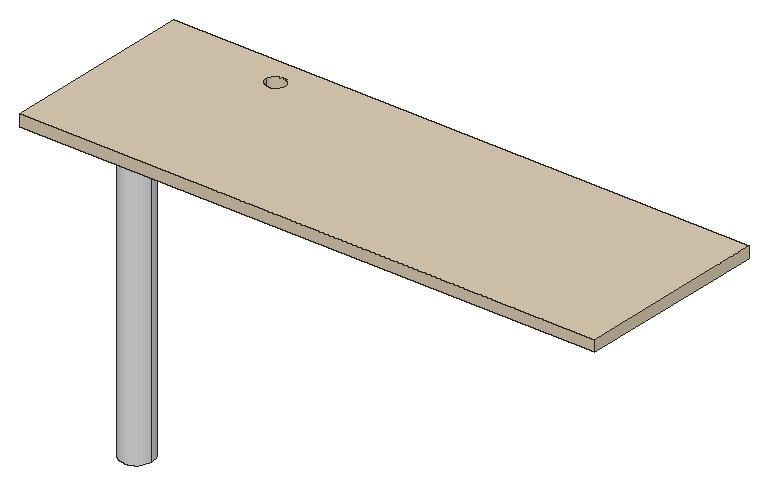
Revit family "Bancada de trabalho básica", category Furniture, Revit 2016
Family settings
  OmniClass Number = 23.40.20.00
  OmniClass Title = General Furniture and Specialties
  Work Plane-Based = No
  Always vertical = Yes
  Cut with Voids When Loaded = No
  Shared = No
  Room Calculation Point = No
Parameters
  Profundidade = 50 cm
  Largura = 150 cm
  Espessura bancada = 3 cm
  Base = Aluminio
  Bancada = Madeira
  Altura da bancada = 75 cm
Reference planes (cm)
  plane 1 "Centro (Frente/Trás)": y = 0
  plane 2: z = 0
  plane 3 "Centro (Esquerda/Direita)": x = 0
  plane 4: x = 75
  plane 5: x = -75
  plane 6: y = 25
  plane 7: y = -25
  plane 8: z = 75
Forms (cm)
  Extrusion 1, solid, material "Madeira" <- "Bancada"
    sketch origin (0, 0, 0) x (0, 1, 0) y (0, 0, 1)
      loop
        line (-25, 72) -> (25, 72) -> (25, 75) -> (-25, 75) -> (-25, 72)
    from -75 to 75
  Extrusion 2, solid, material "Aluminio" <- "Base"
    sketch origin (0, 0, 0) x (1, 0, 0) y (0, 1, 0)
      loop
        circle (-51, -17) r 4
    from 0 to 72
  Extrusion 3, void
    sketch origin (0, 0, 0) x (1, 0, 0) y (0, 1, 0)
      loop
        circle (-42.5, 17.66) r 2.5
    from 0 to 150
Cuts and joins
  Extrusion 3 cuts Extrusion 1
Dimensions and locks (cm)
  equal spacing: plane 5, plane 3 "Centro (Esquerda/Direita)", plane 4
  "Largura": plane 5 to plane 4
  equal spacing: plane 6, plane 1 "Centro (Frente/Trás)", plane 7
  "Profundidade": plane 6 to plane 7
  "Altura da bancada": plane 8 to level
  "Espessura bancada": Extrusion 1 sketch curve to Extrusion 1 sketch curve
  Extrusion 1 to Extrusion 2 sketch curve = 20 cm
  Extrusion 1 to Extrusion 3 sketch curve = 30 cm
  radius of Extrusion 2 sketch curve = 4 cm
  aligned and locked: level to plane 2
  aligned and locked: plane 8 to Extrusion 1 sketch curve
  aligned and locked: Extrusion 1 sketch curve to plane 7
  aligned and locked: plane 6 to Extrusion 1 sketch curve
  aligned and locked: Extrusion 1 to plane 4
  aligned and locked: plane 5 to Extrusion 1
  aligned and locked: Extrusion 2 to Extrusion 1
Automatic sketch dimensions
  plane 7 to Extrusion 2 sketch curve = 8 cm
  Extrusion 3 sketch curve to plane 6 = 7.34 cm
  radius of Extrusion 3 sketch curve = 2.5 cm
